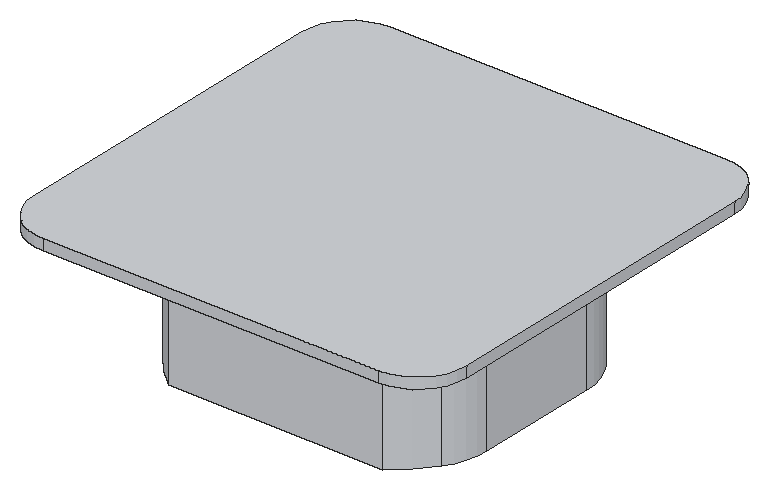
Revit family "Gira_004200", category Electrical Fixtures, host Face, Revit 2017
Family settings
  Host = Face
  Maintain Annotation Orientation = Yes
  Round Connector Dimension = Use Diameter
  Part Type = Normal
  Cut with Voids When Loaded = No
  Shared = No
  Room Calculation Point = No
Parameters (values of type "Antennensteckd. GEDU 15 Einsatz")
  URL = "http://katalog.gira.de/de_DE/datenblatt.html?artikelnr=004200"
  Region = "DE"
  Name = "Antennensteckd. GEDU 15 Einsatz"
  Manufacturer URL = "https://www.gira.de/"
  Keynote = "Einsatz_1fach"
  Kabelmodemtauglich = "Yes"
  HeinzeBIM = "https://bimportal.heinze.de/bim/antennensteckd-gedu-15-einsatz/311c0cadd562f012fbc2a037ef0a9a1f5e34dc68"
  HAN = "004200"
  GTIN = "4010337042006"
  Frequenz = "4000000 - 2400000000"
  Fernspeisetauglich = "No"
  Durchgangsdämpfung bei 860 MHz = "0,1 B"
  Durchgangsdämpfung bei 2150 MHz = "0,1 B"
  Default Elevation = 1219.2 mm
  Data sheet (1) = "https://katalog.gira.de/de_DE/download.html?artikelnr=004200"
  Category = "Antennensteckdose"
  Available = "Yes"
  Ausführung = "Durchgangsdose"
  Anzahl der Auslässe = "2 "
  Anschlussdämpfung bei 860 MHz = "1,5 B"
  Anschlussdämpfung bei 2150 MHz = "1,5 B"
Reference planes
  plane 1 "Center (Front/Back)": y = 0
  plane 2: z = 0
  plane 3 "Center (Left/Right)": x = 0
Forms (mm)
  Extrusion 1, solid, detail levels fine
    sketch origin (0, 0, 0) x (1, 0, 0) y (0, 1, 0)
      loop
        line (27.475, 35.475) -> (-27.475, 35.475)
        arc (-27.475, 35.475) -> (-33.132, 33.132) -> (-35.475, 27.475) r 8
        line (-35.475, 27.475) -> (-35.475, -27.475)
        arc (-35.475, -27.475) -> (-33.132, -33.132) -> (-27.475, -35.475) r 8
        line (-27.475, -35.475) -> (27.475, -35.475)
        arc (27.475, -35.475) -> (33.132, -33.132) -> (35.475, -27.475) r 8
        line (35.475, -27.475) -> (35.475, 27.475)
        arc (35.475, 27.475) -> (33.132, 33.132) -> (27.475, 35.475) r 8
    from 0 to 1.8
  Extrusion 2, solid, detail levels fine
    sketch origin (0, 0, 0) x (1, 0, 0) y (0, 1, 0)
      loop
        line (9.678, 25.4) -> (-9.678, 25.4)
        arc (-9.678, 25.4) -> (-12.885, 24.922) -> (-15.814, 23.53) r 11
        arc (-15.814, 23.53) -> (-17.795, 22.07) -> (-19.641, 20.444) r 28.35
        arc (-19.641, 20.444) -> (-21.339, 18.665) -> (-22.876, 16.745) r 28.35
        arc (-22.876, 16.745) -> (-24.456, 13.666) -> (-25, 10.248) r 11
        line (-25, 10.248) -> (-25, -10.248)
        arc (-25, -10.248) -> (-24.456, -13.666) -> (-22.876, -16.745) r 11
        arc (-22.876, -16.745) -> (-20.409, -19.677) -> (-17.569, -22.25) r 28.35
        line (-17.569, -22.25) -> (17.569, -22.25)
        arc (17.569, -22.25) -> (20.409, -19.677) -> (22.876, -16.745) r 28.35
        arc (22.876, -16.745) -> (24.456, -13.666) -> (25, -10.248) r 11
        line (25, -10.248) -> (25, 10.248)
        arc (25, 10.248) -> (24.456, 13.666) -> (22.876, 16.745) r 11
        arc (22.876, 16.745) -> (21.593, 18.37) -> (20.195, 19.897) r 28.35
        arc (20.195, 19.897) -> (18.096, 21.823) -> (15.814, 23.53) r 28.35
        arc (15.814, 23.53) -> (12.885, 24.922) -> (9.678, 25.4) r 11
    from -22 to 0
  Extrusion 3, solid, detail levels medium
    sketch origin (0, 0, 0) x (1, 0, 0) y (0, 1, 0)
      loop
        line (-25, 25.4) -> (-25, -22.25) -> (25, -22.25) -> (25, 25.4) -> (-25, 25.4)
    from -22 to 0
  Extrusion 4, solid, detail levels coarse
    sketch origin (0, 0, 0) x (1, 0, 0) y (0, 1, 0)
      loop
        line (35.475, 35.475) -> (-35.475, 35.475) -> (-35.475, -35.475) -> (35.475, -35.475) -> (35.475, 35.475)
    from -22 to 1.8
  Extrusion 5, solid, detail levels medium
    sketch origin (0, 0, 0) x (1, 0, 0) y (0, 1, 0)
      loop
        line (35.475, 35.475) -> (-35.475, 35.475) -> (-35.475, -35.475) -> (35.475, -35.475) -> (35.475, 35.475)
    from 0 to 1.8
Dimensions and locks
  aligned and locked: plane 2 to host face
  aligned and locked: level to host face
  aligned and locked: plane 3 "Center (Left/Right)" to nested 1
  aligned and locked: plane 1 "Center (Front/Back)" to nested 1
Nested families
  nested 1: "RJ45-Datendose Beschriftung" at (0, 0, 0), type "RJ45-Datendose Beschriftung"
Connectors
  electrical at (0, 0, -22)
    settings: on Extrusion 4, index 1, voltage 220 V, apparent load 0 VA, apparent load phase1 0 VA, apparent load phase2 0 VA, apparent load phase3 0 VA, power factor 1, load classification "Other", number of poles 1, system type 30, power factor state 1, is connector primary yes, connector utility no, sub classification motor no, connector description ""
Definition of nested family "RJ45-Datendose Beschriftung"
  Reference planes
    plane 1: y = 0
    plane 2: x = 0
  Lines and regions (mm)
    Filled region 1, type "Gefüllter Bereich 1"
      outline origin (0, 0, 0) x (1, 0, 0) y (0, 1, 0)
        loop
          circle (0, 2.4) r 0.4
    detail lines
      curve 1: line (0, 0, 0) -> (0, 2, 0)
      curve 2: line (0, 2, 0) -> (1.2, 2, 0)
      curve 3: line (1.2, 2, 0) -> (1.2, 3.6, 0)
      curve 4: circle (0, 2.4, 0) r 0.4 normal (0, 0, 1)
      curve 5: line (0, 2, 0) -> (-1.2, 2, 0)
      curve 6: line (-1.2, 2, 0) -> (-1.2, 3.6, 0)
